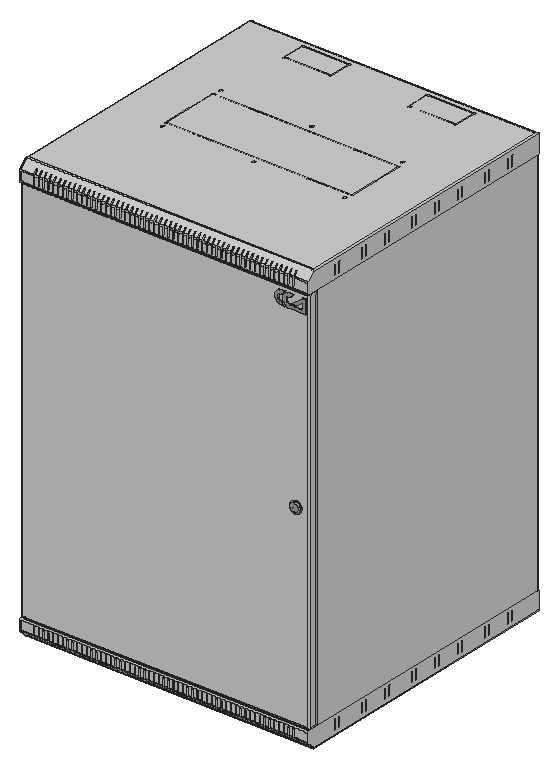
Revit family "Шкаф телекоммуникационный настенный сварной 19” 600х600", category Обобщенные модели, Revit 2019 (continued)
Definition of nested family "Крышка 600"
  Automatic sketch dimensions
    plane 6 to Extrusion 95 sketch curve = 33.804 mm
    plane 6 to Extrusion 95 sketch curve = 11.804 mm
    plane 8 to Extrusion 95 sketch curve = 171.5 mm
    Extrusion 95 sketch curve to Extrusion 95 sketch curve = 1.747 mm
    plane 6 to Extrusion 96 sketch curve = 33.804 mm
    plane 6 to Extrusion 96 sketch curve = 11.804 mm
    plane 8 to Extrusion 96 sketch curve = 161.5 mm
    Extrusion 96 sketch curve to Extrusion 96 sketch curve = 1.747 mm
    plane 6 to Extrusion 97 sketch curve = 33.804 mm
    plane 6 to Extrusion 97 sketch curve = 11.804 mm
    plane 8 to Extrusion 97 sketch curve = 151.5 mm
    Extrusion 97 sketch curve to Extrusion 97 sketch curve = 1.747 mm
    plane 6 to Extrusion 98 sketch curve = 33.804 mm
    plane 6 to Extrusion 98 sketch curve = 11.804 mm
    level to Extrusion 98 sketch curve = 158.5 mm
    Extrusion 98 sketch curve to Extrusion 98 sketch curve = 1.747 mm
    plane 6 to Extrusion 99 sketch curve = 33.804 mm
    plane 6 to Extrusion 99 sketch curve = 11.804 mm
    level to Extrusion 99 sketch curve = 168.5 mm
    Extrusion 99 sketch curve to Extrusion 99 sketch curve = 1.747 mm
    plane 6 to Extrusion 100 sketch curve = 33.804 mm
    plane 6 to Extrusion 100 sketch curve = 11.804 mm
    level to Extrusion 100 sketch curve = 178.5 mm
    Extrusion 100 sketch curve to Extrusion 100 sketch curve = 1.747 mm
    plane 6 to Extrusion 101 sketch curve = 33.804 mm
    plane 6 to Extrusion 101 sketch curve = 11.804 mm
    level to Extrusion 101 sketch curve = 188.5 mm
    Extrusion 101 sketch curve to Extrusion 101 sketch curve = 1.747 mm
    plane 6 to Extrusion 102 sketch curve = 33.804 mm
    plane 6 to Extrusion 102 sketch curve = 11.804 mm
    level to Extrusion 102 sketch curve = 198.5 mm
    Extrusion 102 sketch curve to Extrusion 102 sketch curve = 1.747 mm
    plane 6 to Extrusion 103 sketch curve = 33.804 mm
    plane 6 to Extrusion 103 sketch curve = 11.804 mm
    level to Extrusion 103 sketch curve = 208.5 mm
    Extrusion 103 sketch curve to Extrusion 103 sketch curve = 1.747 mm
    plane 6 to Extrusion 104 sketch curve = 33.804 mm
    plane 6 to Extrusion 104 sketch curve = 11.804 mm
    level to Extrusion 104 sketch curve = 218.5 mm
    Extrusion 104 sketch curve to Extrusion 104 sketch curve = 1.747 mm
    plane 6 to Extrusion 105 sketch curve = 33.804 mm
    plane 6 to Extrusion 105 sketch curve = 11.804 mm
    level to Extrusion 105 sketch curve = 228.5 mm
    Extrusion 105 sketch curve to Extrusion 105 sketch curve = 1.747 mm
    plane 6 to Extrusion 106 sketch curve = 33.804 mm
    plane 6 to Extrusion 106 sketch curve = 11.804 mm
    level to Extrusion 106 sketch curve = 238.5 mm
    Extrusion 106 sketch curve to Extrusion 106 sketch curve = 1.747 mm
    plane 6 to Extrusion 107 sketch curve = 33.804 mm
    plane 6 to Extrusion 107 sketch curve = 11.804 mm
    level to Extrusion 107 sketch curve = 248.5 mm
    Extrusion 107 sketch curve to Extrusion 107 sketch curve = 1.747 mm
    plane 6 to Extrusion 108 sketch curve = 10.404 mm
    Extrusion 108 sketch curve to plane 4 = 141.5 mm
    Extrusion 108 sketch curve to Extrusion 108 sketch curve = 1.5 mm
    Extrusion 108 sketch curve to Extrusion 108 sketch curve = 23.4 mm
    plane 6 to Extrusion 109 sketch curve = 10.404 mm
    Extrusion 109 sketch curve to plane 4 = 131.5 mm
    Extrusion 109 sketch curve to Extrusion 109 sketch curve = 1.5 mm
    Extrusion 109 sketch curve to Extrusion 109 sketch curve = 23.4 mm
    plane 6 to Extrusion 110 sketch curve = 10.404 mm
    plane 3 "По центру (Влево/Вправо)" to Extrusion 110 sketch curve = 138.5 mm
    Extrusion 110 sketch curve to Extrusion 110 sketch curve = 1.5 mm
    Extrusion 110 sketch curve to Extrusion 110 sketch curve = 23.4 mm
    plane 6 to Extrusion 111 sketch curve = 10.404 mm
    plane 3 "По центру (Влево/Вправо)" to Extrusion 111 sketch curve = 148.5 mm
    Extrusion 111 sketch curve to Extrusion 111 sketch curve = 1.5 mm
    Extrusion 111 sketch curve to Extrusion 111 sketch curve = 23.4 mm
    plane 6 to Extrusion 112 sketch curve = 10.404 mm
    plane 3 "По центру (Влево/Вправо)" to Extrusion 112 sketch curve = 118.5 mm
    Extrusion 112 sketch curve to Extrusion 112 sketch curve = 1.5 mm
    Extrusion 112 sketch curve to Extrusion 112 sketch curve = 23.4 mm
    plane 6 to Extrusion 113 sketch curve = 10.404 mm
    plane 3 "По центру (Влево/Вправо)" to Extrusion 113 sketch curve = 128.5 mm
    Extrusion 113 sketch curve to Extrusion 113 sketch curve = 1.5 mm
    Extrusion 113 sketch curve to Extrusion 113 sketch curve = 23.4 mm
    plane 6 to Extrusion 114 sketch curve = 10.404 mm
    plane 3 "По центру (Влево/Вправо)" to Extrusion 114 sketch curve = 98.5 mm
    Extrusion 114 sketch curve to Extrusion 114 sketch curve = 1.5 mm
    Extrusion 114 sketch curve to Extrusion 114 sketch curve = 23.4 mm
    plane 6 to Extrusion 115 sketch curve = 10.404 mm
    plane 3 "По центру (Влево/Вправо)" to Extrusion 115 sketch curve = 108.5 mm
    Extrusion 115 sketch curve to Extrusion 115 sketch curve = 1.5 mm
    Extrusion 115 sketch curve to Extrusion 115 sketch curve = 23.4 mm
    plane 6 to Extrusion 116 sketch curve = 10.404 mm
    plane 3 "По центру (Влево/Вправо)" to Extrusion 116 sketch curve = 78.5 mm
    Extrusion 116 sketch curve to Extrusion 116 sketch curve = 1.5 mm
    Extrusion 116 sketch curve to Extrusion 116 sketch curve = 23.4 mm
    plane 6 to Extrusion 117 sketch curve = 10.404 mm
    plane 3 "По центру (Влево/Вправо)" to Extrusion 117 sketch curve = 88.5 mm
    Extrusion 117 sketch curve to Extrusion 117 sketch curve = 1.5 mm
    Extrusion 117 sketch curve to Extrusion 117 sketch curve = 23.4 mm
    plane 6 to Extrusion 118 sketch curve = 10.404 mm
    plane 3 "По центру (Влево/Вправо)" to Extrusion 118 sketch curve = 58.5 mm
    Extrusion 118 sketch curve to Extrusion 118 sketch curve = 1.5 mm
    Extrusion 118 sketch curve to Extrusion 118 sketch curve = 23.4 mm
    plane 6 to Extrusion 119 sketch curve = 10.404 mm
    plane 3 "По центру (Влево/Вправо)" to Extrusion 119 sketch curve = 68.5 mm
    Extrusion 119 sketch curve to Extrusion 119 sketch curve = 1.5 mm
    Extrusion 119 sketch curve to Extrusion 119 sketch curve = 23.4 mm
    plane 6 to Extrusion 120 sketch curve = 10.404 mm
    plane 3 "По центру (Влево/Вправо)" to Extrusion 120 sketch curve = 38.5 mm
    Extrusion 120 sketch curve to Extrusion 120 sketch curve = 1.5 mm
    Extrusion 120 sketch curve to Extrusion 120 sketch curve = 23.4 mm
    plane 6 to Extrusion 121 sketch curve = 10.404 mm
    plane 3 "По центру (Влево/Вправо)" to Extrusion 121 sketch curve = 48.5 mm
    Extrusion 121 sketch curve to Extrusion 121 sketch curve = 1.5 mm
    Extrusion 121 sketch curve to Extrusion 121 sketch curve = 23.4 mm
    plane 3 "По центру (Влево/Вправо)" to Extrusion 122 sketch curve = 18.5 mm
    Extrusion 122 sketch curve to Extrusion 122 sketch curve = 1.5 mm
    plane 6 to Extrusion 122 sketch curve = 33.804 mm
    plane 6 to Extrusion 122 sketch curve = 10.404 mm
    plane 3 "По центру (Влево/Вправо)" to Extrusion 123 sketch curve = 28.5 mm
    Extrusion 123 sketch curve to Extrusion 123 sketch curve = 1.5 mm
    plane 6 to Extrusion 123 sketch curve = 33.804 mm
    plane 6 to Extrusion 123 sketch curve = 10.404 mm
    Extrusion 124 sketch curve to plane 3 "По центру (Влево/Вправо)" = 0 mm
    Extrusion 124 sketch curve to plane 3 "По центру (Влево/Вправо)" = 1.5 mm
    plane 6 to Extrusion 124 sketch curve = 33.804 mm
    plane 6 to Extrusion 124 sketch curve = 10.404 mm
    plane 3 "По центру (Влево/Вправо)" to Extrusion 125 sketch curve = 8.5 mm
    Extrusion 125 sketch curve to Extrusion 125 sketch curve = 1.5 mm
    plane 6 to Extrusion 125 sketch curve = 33.804 mm
    plane 6 to Extrusion 125 sketch curve = 10.404 mm
    Extrusion 126 sketch curve to plane 3 "По центру (Влево/Вправо)" = 21.5 mm
    Extrusion 126 sketch curve to Extrusion 126 sketch curve = 1.5 mm
    plane 6 to Extrusion 126 sketch curve = 33.804 mm
    plane 6 to Extrusion 126 sketch curve = 10.404 mm
    Extrusion 127 sketch curve to plane 3 "По центру (Влево/Вправо)" = 11.5 mm
    Extrusion 127 sketch curve to Extrusion 127 sketch curve = 1.5 mm
    plane 6 to Extrusion 127 sketch curve = 33.804 mm
    plane 6 to Extrusion 127 sketch curve = 10.404 mm
    plane 6 to Extrusion 128 sketch curve = 10.404 mm
    Extrusion 128 sketch curve to plane 3 "По центру (Влево/Вправо)" = 41.5 mm
    Extrusion 128 sketch curve to Extrusion 128 sketch curve = 1.5 mm
    Extrusion 128 sketch curve to Extrusion 128 sketch curve = 23.4 mm
    plane 6 to Extrusion 129 sketch curve = 10.404 mm
    Extrusion 129 sketch curve to plane 3 "По центру (Влево/Вправо)" = 31.5 mm
    Extrusion 129 sketch curve to Extrusion 129 sketch curve = 1.5 mm
    Extrusion 129 sketch curve to Extrusion 129 sketch curve = 23.4 mm
    plane 6 to Extrusion 130 sketch curve = 10.404 mm
    Extrusion 130 sketch curve to plane 3 "По центру (Влево/Вправо)" = 61.5 mm
    Extrusion 130 sketch curve to Extrusion 130 sketch curve = 1.5 mm
    Extrusion 130 sketch curve to Extrusion 130 sketch curve = 23.4 mm
    plane 6 to Extrusion 131 sketch curve = 10.404 mm
    Extrusion 131 sketch curve to plane 3 "По центру (Влево/Вправо)" = 51.5 mm
    Extrusion 131 sketch curve to Extrusion 131 sketch curve = 1.5 mm
    Extrusion 131 sketch curve to Extrusion 131 sketch curve = 23.4 mm
    plane 6 to Extrusion 132 sketch curve = 10.404 mm
    Extrusion 132 sketch curve to plane 3 "По центру (Влево/Вправо)" = 81.5 mm
    Extrusion 132 sketch curve to Extrusion 132 sketch curve = 1.5 mm
    Extrusion 132 sketch curve to Extrusion 132 sketch curve = 23.4 mm
    plane 6 to Extrusion 133 sketch curve = 10.404 mm
    Extrusion 133 sketch curve to plane 3 "По центру (Влево/Вправо)" = 71.5 mm
    Extrusion 133 sketch curve to Extrusion 133 sketch curve = 1.5 mm
    Extrusion 133 sketch curve to Extrusion 133 sketch curve = 23.4 mm
    plane 6 to Extrusion 134 sketch curve = 10.404 mm
    Extrusion 134 sketch curve to plane 3 "По центру (Влево/Вправо)" = 101.5 mm
    Extrusion 134 sketch curve to Extrusion 134 sketch curve = 1.5 mm
    Extrusion 134 sketch curve to Extrusion 134 sketch curve = 23.4 mm
    plane 6 to Extrusion 135 sketch curve = 10.404 mm
    Extrusion 135 sketch curve to plane 3 "По центру (Влево/Вправо)" = 91.5 mm
    Extrusion 135 sketch curve to Extrusion 135 sketch curve = 1.5 mm
    Extrusion 135 sketch curve to Extrusion 135 sketch curve = 23.4 mm
    plane 6 to Extrusion 136 sketch curve = 10.404 mm
    Extrusion 136 sketch curve to plane 3 "По центру (Влево/Вправо)" = 121.5 mm
    Extrusion 136 sketch curve to Extrusion 136 sketch curve = 1.5 mm
    Extrusion 136 sketch curve to Extrusion 136 sketch curve = 23.4 mm
    plane 6 to Extrusion 137 sketch curve = 10.404 mm
    Extrusion 137 sketch curve to plane 3 "По центру (Влево/Вправо)" = 111.5 mm
    Extrusion 137 sketch curve to Extrusion 137 sketch curve = 1.5 mm
    Extrusion 137 sketch curve to Extrusion 137 sketch curve = 23.4 mm
    plane 6 to Extrusion 138 sketch curve = 10.404 mm
    Extrusion 138 sketch curve to plane 3 "По центру (Влево/Вправо)" = 141.5 mm
    Extrusion 138 sketch curve to Extrusion 138 sketch curve = 1.5 mm
    Extrusion 138 sketch curve to Extrusion 138 sketch curve = 23.4 mm
    plane 6 to Extrusion 139 sketch curve = 10.404 mm
    Extrusion 139 sketch curve to plane 3 "По центру (Влево/Вправо)" = 131.5 mm
    Extrusion 139 sketch curve to Extrusion 139 sketch curve = 1.5 mm
    Extrusion 139 sketch curve to Extrusion 139 sketch curve = 23.4 mm
    plane 6 to Extrusion 140 sketch curve = 10.404 mm
    plane 5 to Extrusion 140 sketch curve = 138.5 mm
    Extrusion 140 sketch curve to Extrusion 140 sketch curve = 1.5 mm
    Extrusion 140 sketch curve to Extrusion 140 sketch curve = 23.4 mm
    plane 6 to Extrusion 141 sketch curve = 10.404 mm
    plane 5 to Extrusion 141 sketch curve = 148.5 mm
    Extrusion 141 sketch curve to Extrusion 141 sketch curve = 1.5 mm
    Extrusion 141 sketch curve to Extrusion 141 sketch curve = 23.4 mm
    plane 6 to Extrusion 142 sketch curve = 10.404 mm
    plane 5 to Extrusion 142 sketch curve = 118.5 mm
    Extrusion 142 sketch curve to Extrusion 142 sketch curve = 1.5 mm
    Extrusion 142 sketch curve to Extrusion 142 sketch curve = 23.4 mm
    plane 6 to Extrusion 143 sketch curve = 10.404 mm
    plane 5 to Extrusion 143 sketch curve = 128.5 mm
    Extrusion 143 sketch curve to Extrusion 143 sketch curve = 1.5 mm
    Extrusion 143 sketch curve to Extrusion 143 sketch curve = 23.4 mm
    plane 6 to Extrusion 144 sketch curve = 10.404 mm
    plane 5 to Extrusion 144 sketch curve = 98.5 mm
    Extrusion 144 sketch curve to Extrusion 144 sketch curve = 1.5 mm
    Extrusion 144 sketch curve to Extrusion 144 sketch curve = 23.4 mm
    plane 6 to Extrusion 145 sketch curve = 10.404 mm
    plane 5 to Extrusion 145 sketch curve = 108.5 mm
    Extrusion 145 sketch curve to Extrusion 145 sketch curve = 1.5 mm
    Extrusion 145 sketch curve to Extrusion 145 sketch curve = 23.4 mm
    plane 6 to Extrusion 146 sketch curve = 10.404 mm
    plane 5 to Extrusion 146 sketch curve = 78.5 mm
    Extrusion 146 sketch curve to Extrusion 146 sketch curve = 1.5 mm
    Extrusion 146 sketch curve to Extrusion 146 sketch curve = 23.4 mm
    plane 6 to Extrusion 147 sketch curve = 10.404 mm
    plane 5 to Extrusion 147 sketch curve = 88.5 mm
    Extrusion 147 sketch curve to Extrusion 147 sketch curve = 1.5 mm
    Extrusion 147 sketch curve to Extrusion 147 sketch curve = 23.4 mm
    plane 6 to Extrusion 148 sketch curve = 10.404 mm
    plane 5 to Extrusion 148 sketch curve = 58.5 mm
    Extrusion 148 sketch curve to Extrusion 148 sketch curve = 1.5 mm
    Extrusion 148 sketch curve to Extrusion 148 sketch curve = 23.4 mm
    plane 6 to Extrusion 149 sketch curve = 10.404 mm
    plane 5 to Extrusion 149 sketch curve = 68.5 mm
    Extrusion 149 sketch curve to Extrusion 149 sketch curve = 1.5 mm
    Extrusion 149 sketch curve to Extrusion 149 sketch curve = 23.4 mm
    plane 6 to Extrusion 150 sketch curve = 10.404 mm
    plane 5 to Extrusion 150 sketch curve = 38.5 mm
    Extrusion 150 sketch curve to Extrusion 150 sketch curve = 1.5 mm
    Extrusion 150 sketch curve to Extrusion 150 sketch curve = 23.4 mm
    plane 6 to Extrusion 151 sketch curve = 10.404 mm
    plane 5 to Extrusion 151 sketch curve = 48.5 mm
    Extrusion 151 sketch curve to Extrusion 151 sketch curve = 1.5 mm
    Extrusion 151 sketch curve to Extrusion 151 sketch curve = 23.4 mm
    plane 5 to Extrusion 152 sketch curve = 28.5 mm
    Extrusion 152 sketch curve to Extrusion 152 sketch curve = 1.5 mm
    plane 6 to Extrusion 152 sketch curve = 33.804 mm
    plane 6 to Extrusion 152 sketch curve = 10.404 mm
    plane 6 to Extrusion 153 sketch curve = 33.804 mm
    plane 6 to Extrusion 153 sketch curve = 11.804 mm
    level to Extrusion 153 sketch curve = 258.5 mm
    Extrusion 153 sketch curve to Extrusion 153 sketch curve = 1.747 mm
    plane 6 to Extrusion 154 sketch curve = 33.804 mm
    plane 6 to Extrusion 154 sketch curve = 11.804 mm
    level to Extrusion 154 sketch curve = 268.5 mm
    Extrusion 154 sketch curve to Extrusion 154 sketch curve = 1.747 mm
    plane 6 to Extrusion 155 sketch curve = 33.804 mm
    plane 6 to Extrusion 155 sketch curve = 11.804 mm
    level to Extrusion 155 sketch curve = 278.5 mm
    Extrusion 155 sketch curve to Extrusion 155 sketch curve = 1.747 mm
    plane 6 to Extrusion 156 sketch curve = 33.804 mm
    plane 6 to Extrusion 156 sketch curve = 11.804 mm
    level to Extrusion 156 sketch curve = 288.5 mm
    Extrusion 156 sketch curve to Extrusion 156 sketch curve = 1.747 mm
    plane 6 to Extrusion 157 sketch curve = 33.804 mm
    plane 6 to Extrusion 157 sketch curve = 11.804 mm
    level to Extrusion 157 sketch curve = 298.5 mm
    Extrusion 157 sketch curve to Extrusion 157 sketch curve = 1.747 mm
    plane 6 to Extrusion 158 sketch curve = 33.804 mm
    plane 6 to Extrusion 158 sketch curve = 11.804 mm
    plane 8 to Extrusion 158 sketch curve = 291.5 mm
    Extrusion 158 sketch curve to Extrusion 158 sketch curve = 1.747 mm
    plane 6 to Extrusion 159 sketch curve = 33.804 mm
    plane 6 to Extrusion 159 sketch curve = 11.804 mm
    plane 8 to Extrusion 159 sketch curve = 281.5 mm
    Extrusion 159 sketch curve to Extrusion 159 sketch curve = 1.747 mm
    plane 6 to Extrusion 160 sketch curve = 33.804 mm
    plane 6 to Extrusion 160 sketch curve = 11.804 mm
    plane 8 to Extrusion 160 sketch curve = 271.5 mm
    Extrusion 160 sketch curve to Extrusion 160 sketch curve = 1.747 mm
    plane 6 to Extrusion 161 sketch curve = 33.804 mm
    plane 6 to Extrusion 161 sketch curve = 11.804 mm
    plane 8 to Extrusion 161 sketch curve = 261.5 mm
    Extrusion 161 sketch curve to Extrusion 161 sketch curve = 1.747 mm
    plane 6 to Extrusion 162 sketch curve = 33.804 mm
    plane 6 to Extrusion 162 sketch curve = 11.804 mm
    plane 8 to Extrusion 162 sketch curve = 251.5 mm
    Extrusion 162 sketch curve to Extrusion 162 sketch curve = 1.747 mm
    plane 6 to Extrusion 163 sketch curve = 33.804 mm
    plane 6 to Extrusion 163 sketch curve = 11.804 mm
    plane 8 to Extrusion 163 sketch curve = 268.007 mm
    Extrusion 163 sketch curve to Extrusion 163 sketch curve = 1.747 mm
    plane 6 to Extrusion 164 sketch curve = 33.804 mm
    plane 6 to Extrusion 164 sketch curve = 11.804 mm
    plane 8 to Extrusion 164 sketch curve = 258.007 mm
    Extrusion 164 sketch curve to Extrusion 164 sketch curve = 1.747 mm
    plane 6 to Extrusion 165 sketch curve = 33.804 mm
    plane 6 to Extrusion 165 sketch curve = 11.804 mm
    plane 8 to Extrusion 165 sketch curve = 298.007 mm
    Extrusion 165 sketch curve to Extrusion 165 sketch curve = 1.747 mm
    plane 6 to Extrusion 166 sketch curve = 33.804 mm
    plane 6 to Extrusion 166 sketch curve = 11.804 mm
    plane 8 to Extrusion 166 sketch curve = 288.007 mm
    Extrusion 166 sketch curve to Extrusion 166 sketch curve = 1.747 mm
    plane 6 to Extrusion 167 sketch curve = 33.804 mm
    plane 6 to Extrusion 167 sketch curve = 11.804 mm
    plane 8 to Extrusion 167 sketch curve = 278.007 mm
    Extrusion 167 sketch curve to Extrusion 167 sketch curve = 1.747 mm
    plane 6 to Extrusion 168 sketch curve = 33.804 mm
    plane 6 to Extrusion 168 sketch curve = 11.804 mm
    level to Extrusion 168 sketch curve = 281.993 mm
    Extrusion 168 sketch curve to Extrusion 168 sketch curve = 1.747 mm
    plane 6 to Extrusion 169 sketch curve = 33.804 mm
    plane 6 to Extrusion 169 sketch curve = 11.804 mm
    level to Extrusion 169 sketch curve = 291.993 mm
    Extrusion 169 sketch curve to Extrusion 169 sketch curve = 1.747 mm
    plane 6 to Extrusion 170 sketch curve = 33.804 mm
    plane 6 to Extrusion 170 sketch curve = 11.804 mm
    level to Extrusion 170 sketch curve = 251.993 mm
    Extrusion 170 sketch curve to Extrusion 170 sketch curve = 1.747 mm
    plane 6 to Extrusion 171 sketch curve = 33.804 mm
    plane 6 to Extrusion 171 sketch curve = 11.804 mm
    level to Extrusion 171 sketch curve = 261.993 mm
    Extrusion 171 sketch curve to Extrusion 171 sketch curve = 1.747 mm
    plane 6 to Extrusion 172 sketch curve = 33.804 mm
    plane 6 to Extrusion 172 sketch curve = 11.804 mm
    level to Extrusion 172 sketch curve = 271.993 mm
    Extrusion 172 sketch curve to Extrusion 172 sketch curve = 1.747 mm
    radius of Extrusion 6 sketch curve = 3.3 mm  (x6)
    radius of Extrusion 50 sketch curve = 3.25 mm  (x2)
Definition of nested family "Дверь_М"
  Parameters (values of type "Дверь_М")
    Ширина = 600 mm
    ADSK_Размер_Высота [instance] = 413 mm
  Reference planes
    plane 1 "По центру (Вперед/Назад)": y = 0
    plane 2: z = 0
    plane 3 "По центру (Влево/Вправо)": x = 0
    plane 4: z = 206.5
    plane 5: z = -206.5
    plane 6: x = -300
    plane 7: x = 300
  Forms (mm)
    Extrusion 1, solid
      sketch origin (0, 0, 0) x (1, 0, 0) y (0, 0, 1)
        loop
          line (297, 206.5) -> (-297, 206.5)
          arc (-297, 206.5) -> (-299.121, 205.621) -> (-300, 203.5) r 3
          line (-300, 203.5) -> (-300, -203.5)
          arc (-300, -203.5) -> (-299.121, -205.621) -> (-297, -206.5) r 3
          line (-297, -206.5) -> (297, -206.5)
          arc (297, -206.5) -> (299.121, -205.621) -> (300, -203.5) r 3
          line (300, -203.5) -> (300, 203.5)
          arc (300, 203.5) -> (299.121, 205.621) -> (297, 206.5) r 3
      from 0 to 20
    Extrusion 2, void
      sketch origin (0, 0, 0) x (1, 0, 0) y (0, 1, 0)
        loop
          line (-300, 0) -> (-300, -3)
          arc (-300, -3) -> (-299.121, -0.879) -> (-297, 0) r 3
          line (-297, 0) -> (-300, 0)
        loop
          line (300, 0) -> (297, 0)
          arc (297, 0) -> (299.121, -0.879) -> (300, -3) r 3
          line (300, -3) -> (300, 0)
        loop
          line (-300, -20) -> (-297, -20)
          arc (-297, -20) -> (-299.121, -19.121) -> (-300, -17) r 3
          line (-300, -17) -> (-300, -20)
        loop
          line (300, -20) -> (300, -17)
          arc (300, -17) -> (299.121, -19.121) -> (297, -20) r 3
          line (297, -20) -> (300, -20)
      from -206.5 to 206.5
    Extrusion 3, void
      sketch origin (0, 0, 0) x (0, 1, 0) y (0, 0, 1)
        loop
          line (0, 206.5) -> (-2.958, 206.5)
          arc (-2.958, 206.5) -> (-0.866, 205.634) -> (0, 203.542) r 2.958
          line (0, 203.542) -> (0, 206.5)
        loop
          line (0, -206.5) -> (0, -203.542)
          arc (0, -203.542) -> (-0.866, -205.634) -> (-2.958, -206.5) r 2.958
          line (-2.958, -206.5) -> (0, -206.5)
        loop
          line (-20, 206.5) -> (-20, 203.542)
          arc (-20, 203.542) -> (-19.134, 205.634) -> (-17.042, 206.5) r 2.958
          line (-17.042, 206.5) -> (-20, 206.5)
        loop
          line (-20, -206.5) -> (-17.042, -206.5)
          arc (-17.042, -206.5) -> (-19.134, -205.634) -> (-20, -203.542) r 2.958
          line (-20, -203.542) -> (-20, -206.5)
      from -300 to 300
    Extrusion 4, solid
      sketch origin (271.4, 0, 0) x (1, 0, 0) y (0, 0, 1)
        loop
          circle (0, 0) r 12
      from 20 to 21
    Blend 5, solid
      base sketch origin (143.882, 0, 0) x (1, 0, 0) y (0, 0, 1)
        loop
          circle (127.518, 0) r 12
      top sketch origin (143.882, 0, 0) x (1, 0, 0) y (0, 0, 1)
        loop
          circle (127.518, 0) r 9
      from 21 to 24
    Extrusion 6, void
      sketch origin (271.39, 0, -0.135) x (1, 0, 0) y (0, 0, 1)
        loop
          line (-3.979, 0.868) -> (-3.979, -0.615) -> (3.999, -0.615) -> (3.999, 0.868) -> (-3.979, 0.868)
      from 24 to 22
  Cuts and joins
    Extrusion 2, Extrusion 3 cuts Extrusion 1
    Extrusion 6 cuts Blend 5
  Dimensions and locks
    equal spacing: plane 4, level, plane 5
    "ADSK_Размер_Высота": plane 4 to plane 5
    equal spacing: plane 7, plane 3 "По центру (Влево/Вправо)", plane 6
    "Ширина": plane 7 to plane 6
    locked: Extrusion 1 to Extrusion 1 at 20
    aligned and locked: level to plane 2
    aligned and locked: Extrusion 1 to plane 1 "По центру (Вперед/Назад)"
    aligned and locked: plane 4 to Extrusion 1
    aligned and locked: plane 7 to Extrusion 1
    aligned and locked: Extrusion 1 to plane 6
    aligned and locked: Extrusion 1 to plane 5
    aligned and locked: Extrusion 2 to plane 6  (x2)
    aligned and locked: Extrusion 2 to plane 1 "По центру (Вперед/Назад)"  (x2)
    aligned and locked: Extrusion 2 to Extrusion 1
    aligned and locked: plane 7 to Extrusion 2  (x2)
    aligned and locked: Extrusion 1 to Extrusion 2
    aligned and locked: plane 4 to Extrusion 2
    aligned and locked: Extrusion 2 to plane 5
    aligned and locked: plane 4 to Extrusion 3  (x2)
    aligned and locked: Extrusion 1 to Extrusion 3
    aligned and locked: Extrusion 3 to plane 1 "По центру (Вперед/Назад)"  (x2)
    aligned and locked: Extrusion 3 to plane 5  (x2)
    aligned and locked: Extrusion 3 to Extrusion 1
    aligned and locked: plane 7 to Extrusion 3
    aligned and locked: Extrusion 3 to plane 6
  Automatic sketch dimensions
    Extrusion 1 sketch curve to plane 6 = 0 mm
    Extrusion 1 sketch curve to plane 4 = 0 mm
    Extrusion 1 sketch curve to plane 5 = 0 mm
    Extrusion 1 sketch curve to plane 7 = 0 mm
    Extrusion 1 sketch curve to plane 4 = 3 mm
    plane 5 to Extrusion 1 sketch curve = 3 mm
    Extrusion 1 sketch curve to plane 7 = 3 mm  (x2)
    plane 1 "По центру (Вперед/Назад)" to Extrusion 2 sketch curve = 0 mm  (x2)
    Extrusion 2 sketch curve to plane 6 = 0 mm  (x2)
    Extrusion 2 sketch curve to plane 7 = 0 mm
    plane 7 to Extrusion 2 sketch curve = 0 mm
    plane 6 to Extrusion 2 sketch curve = 3 mm  (x2)
    Extrusion 2 sketch curve to plane 7 = 3 mm
    Extrusion 2 sketch curve to Extrusion 2 sketch curve = 3 mm
    Extrusion 2 sketch curve to Extrusion 2 sketch curve = 14 mm  (x2)
    Extrusion 3 sketch curve to plane 4 = 0 mm  (x2)
    Extrusion 3 sketch curve to plane 5 = 0 mm  (x2)
    Extrusion 3 sketch curve to plane 1 "По центру (Вперед/Назад)" = 0 mm  (x2)
    Extrusion 3 sketch curve to Extrusion 3 sketch curve = 2.958 mm  (x3)
    plane 1 "По центру (Вперед/Назад)" to Extrusion 3 sketch curve = 2.958 mm
    Extrusion 3 sketch curve to Extrusion 3 sketch curve = 14.084 mm  (x2)
    Extrusion 4 sketch curve to level = 0 mm
    plane 3 "По центру (Влево/Вправо)" to Extrusion 4 sketch curve = 271.4 mm
    Blend 5 sketch curve to level = 0 mm  (x2)
    plane 3 "По центру (Влево/Вправо)" to Blend 5 sketch curve = 271.4 mm  (x2)
    Extrusion 6 sketch curve to level = 0.75 mm
    plane 3 "По центру (Влево/Вправо)" to Extrusion 6 sketch curve = 267.411 mm
    plane 3 "По центру (Влево/Вправо)" to Extrusion 6 sketch curve = 275.389 mm
    level to Extrusion 6 sketch curve = 0.733 mm
    radius of Extrusion 4 sketch curve = 12 mm
    radius of Blend 5 sketch curve = 12 mm
    radius of Blend 5 sketch curve = 9 mm
Definition of nested family "Логотип"
  Parameters (values of type "Логотип")
    Default Elevation = 1219.2 mm
  Reference planes
    plane 1 "По центру (Вперед/Назад)": y = 0
    plane 2: z = 0
    plane 3 "По центру (Влево/Вправо)": x = 0
  Forms (mm)
    Extrusion 1, solid, detail levels medium+fine
      sketch origin (0, 0, 0) x (1, 0, 0) y (0, 1, 0)
        loop
          arc (262.281, 558.796) -> (248.281, 544.796) -> (262.281, 530.796) r 14
          line (262.281, 530.796) -> (270.281, 530.796) -> (263.981, 537.796) -> (262.281, 537.796)
          arc (262.281, 537.796) -> (255.281, 544.796) -> (262.281, 551.796) r 7
          line (262.281, 551.796) -> (263.981, 551.796) -> (270.281, 558.796) -> (262.281, 558.796)
        loop
          arc (279.531, 558.796) -> (265.531, 544.796) -> (279.531, 530.796) r 14
          line (279.531, 530.796) -> (313.031, 530.796) -> (313.031, 558.796) -> (307.031, 558.796) -> (284.387, 539.796) -> (293.921, 539.796) -> (307.031, 550.796) -> (307.031, 537.796) -> (279.531, 537.796)
          arc (279.531, 537.796) -> (272.531, 544.796) -> (279.531, 551.796) r 7
          line (279.531, 551.796) -> (281.231, 551.796) -> (287.531, 558.796) -> (279.531, 558.796)
      from 0 to 1
  Dimensions and locks
    aligned and locked: level to plane 2
Types (11, lengths in mm): name | Дверь | Высота_двери | ADSK_Размер_Высота | ADSK_Обозначение | ADSK_Наименование | ADSK_Масса_Текст | ADSK_Марка | ADSK_Код изделия | ADSK_URL страницы изделия
  (no name) | Дверь_М : Дверь_М | 813 | 893 | "ШТ-НСс 18U (600х600мм) металлическая дверь" | "Шкаф телекоммуникационный настенный сварной 19”,18U(600x600), ШТ-НСс-18U-600-600-М дверь металл ССД" | "31,1" | "ШТ-НСс 18U (600х600мм) металлическая дверь" | "130411-00766" | "https://www.ssd.ru/shkaf-telekommunikatsionnyy-nastennyy-svarnoy-19-18u-600x600-sht-nss-18u-600-600-m-dver-metall"
  ШТ-НСс 6U (600х600мм) стеклянная дверь | Дверь_С : Дверь_С | 280 | 360 | "ШТ-НСс 6U (600х600мм) стеклянная дверь" | "Шкаф телекоммуникационный настенный сварной 19”,6U(600x600), ШТ-НСс-6U-600-600-С дверь стекло ССД" | "19,7" | "ШТ-НСс 6U (600х600мм) стеклянная дверь" | "130411-00741" | "https://www.ssd.ru/shkaf-telekommunikatsionnyy-nastennyy-svarnoy-19-6u-600x600-sht-nss-6u-600-600-s-dver-steklo"
  ШТ-НСс 6U (600х600мм) металлическая дверь | Дверь_М : Дверь_М | 280 | 360 | "ШТ-НСс 6U (600х600мм) металлическая дверь" | "Шкаф телекоммуникационный настенный сварной 19”,6U(600x600), ШТ-НСс-6U-600-600-М дверь металл ССД" | "19,3" | "ШТ-НСс 6U (600х600мм) металлическая дверь" | "130411-00742" | "https://www.ssd.ru/shkaf-telekommunikatsionnyy-nastennyy-svarnoy-19-6u-600x600-sht-nss-6u-600-600-m-dver-metall"
  ШТ-НСс 9U (600х600мм) стеклянная дверь | Дверь_С : Дверь_С | 416 | 496 | "ШТ-НСс 9U (600х600мм) стеклянная дверь" | "Шкаф телекоммуникационный настенный сварной 19”,9U(600x600), ШТ-НСс-9U-600-600-С дверь стекло ССД" | "22,8" | "ШТ-НСс 9U (600х600мм) стеклянная дверь" | "130411-00747" | "https://www.ssd.ru/shkaf-telekommunikatsionnyy-nastennyy-svarnoy-19-9u-600x600-sht-nss-9u-600-600-s-dver-steklo"
  ШТ-НСс 9U (600х600мм) металлическая дверь | Дверь_М : Дверь_М | 416 | 496 | "ШТ-НСс 9U (600х600мм) металлическая дверь" | "Шкаф телекоммуникационный настенный сварной 19”,9U(600x600), ШТ-НСс-9U-600-600-М дверь металл ССД" | "19,5" | "ШТ-НСс 9U (600х600мм) металлическая дверь" | "130411-00748" | "https://www.ssd.ru/shkaf-telekommunikatsionnyy-nastennyy-svarnoy-19-9u-600x600-sht-nss-9u-600-600-m-dver-metall"
  ШТ-НСс 12U (600х600мм) стеклянная дверь | Дверь_С : Дверь_С | 546 | 626 | "ШТ-НСс 12U (600х600мм) стеклянная дверь" | "Шкаф телекоммуникационный настенный сварной 19”,12U(600x600), ШТ-НСс-12U-600-600-С дверь стекло ССД" | "26,0" | "ШТ-НСс 12U (600х600мм) стеклянная дверь" | "130411-00753" | "https://www.ssd.ru/shkaf-telekommunikatsionnyy-nastennyy-svarnoy-19-12u-600x600-sht-nss-12u-600-600-s-dver-steklo"
  ШТ-НСс 12U (600х600мм) металлическая дверь | Дверь_М : Дверь_М | 546 | 626 | "ШТ-НСс 12U (600х600мм) металлическая дверь" | "Шкаф телекоммуникационный настенный сварной 19”,12U(600x600), ШТ-НСс-12U-600-600-М дверь металл ССД" | "25,2" | "ШТ-НСс 12U (600х600мм) металлическая дверь" | "130411-00754" | "https://www.ssd.ru/shkaf-telekommunikatsionnyy-nastennyy-svarnoy-19-12u-600x600-sht-nss-12u-600-600-m-dver-metall"
  ШТ-НСс 15U (600х600мм) стеклянная дверь | Дверь_С : Дверь_С | 680 | 760 | "ШТ-НСс 15U (600х600мм) стеклянная дверь" | "Шкаф телекоммуникационный настенный сварной 19”,15U(600x600), ШТ-НСс-15U-600-600-С дверь стекло ССД" | "29,1" | "ШТ-НСс 15U (600х600мм) стеклянная дверь" | "130411-00759" | "https://www.ssd.ru/shkaf-telekommunikatsionnyy-nastennyy-svarnoy-19-15u-600x600-sht-nss-15u-600-600-s-dver-steklo"
  ШТ-НСс 15U (600х600мм) металлическая дверь | Дверь_М : Дверь_М | 680 | 760 | "ШТ-НСс 15U (600х600мм) металлическая дверь" | "Шкаф телекоммуникационный настенный сварной 19”,15U(600x500), ШТ-НСс-15U-600-600-М дверь металл ССД" | "28,2" | "ШТ-НСс 15U (600х600мм) металлическая дверь" | "130411-00760" | "https://www.ssd.ru/shkaf-telekommunikatsionnyy-nastennyy-svarnoy-19-15u-600x600-sht-nss-15u-600-600-m-dver-metall"
  ШТ-НСс 18U (600х600мм) стеклянная дверь | Дверь_С : Дверь_С | 813 | 893 | "ШТ-НСс 18U (600х600мм) стеклянная дверь" | "Шкаф телекоммуникационный настенный сварной 19”,18U(600x600), ШТ-НСс-18U-600-600-С дверь стекло ССД" | "32,2" | "ШТ-НСс 18U (600х600мм) стеклянная дверь" | "130411-00765" | "https://www.ssd.ru/shkaf-telekommunikatsionnyy-nastennyy-svarnoy-19-18u-600x600-sht-nss-18u-600-600-s-dver-steklo"
  ШТ-НСс 18U (600х600мм) металлическая дверь | Дверь_М : Дверь_М | 813 | 893 | "ШТ-НСс 18U (600х600мм) металлическая дверь" | "Шкаф телекоммуникационный настенный сварной 19”,18U(600x600), ШТ-НСс-18U-600-600-М дверь металл ССД" | "31,1" | "ШТ-НСс 18U (600х600мм) металлическая дверь" | "130411-00766" | "https://www.ssd.ru/shkaf-telekommunikatsionnyy-nastennyy-svarnoy-19-18u-600x600-sht-nss-18u-600-600-m-dver-metall"
